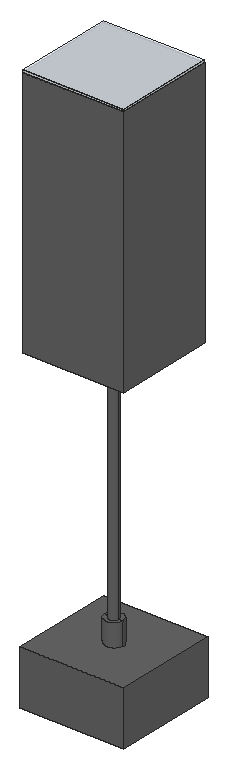
Revit family "LTC-4SQD-P", category Lighting Fixtures, host Face, Revit 2017
Family settings
  Host = Face
  Round Connector Dimension = Use Diameter
  Part Type = Normal
  OmniClass Number = 23.80.70.11.14.11
  OmniClass Title = Downlights
  Cut with Voids When Loaded = No
  Light Source = Yes
  Shared = No
  Room Calculation Point = No
Parameters (values of type "LTC-4SQD-PCC")
  Wattage Comments = "8-25W"
  Wattage = 100 W
  Warranty = "• 5 year warranty\r\n• See HLI Standard Warranty for\r\nadditional information"  # constant formula
  built-in parameter 1150110 = 1 (stored number, unit not read)
  Voltage = 120 V
  built-in parameter 1114217 = 1 (stored number, unit not read)
  Tilt Angle = -90.00°  # constant formula
  built-in parameter 1150109 = 1 (stored number, unit not read)
  built-in parameter 1150134 = 3
  built-in parameter 1150113 = 1 (stored number, unit not read)
  Recessed Canopy = no
  Photometric Web File = "LTC-4SQDPH-P-20L35K8MD-PM-S-BL.ies"
  Features = "•\t4 inch architectural LED downlight cylinder delivering 600 - 1500 lm \r\n•\tFour beam distributions from 0.6 to 1.2 Spacing Criteria\r\n•\tQuiet reflector appearance with 50º optical cutoff \r\n•\tSpectraSync™ Color Tuning technology allows flexibility to tailor CCT to aesthetic preferences \r\n•\tAvailable in Dim To Warm (2200K-3000K) or Tunable White (2700K-5000K or 2700K-6500K), 90 CRI • Available in Surface, Wall, Pendant or Cable/Cord Mount configurations \r\n•\tVersatile canopy options for recessed and surface-mounted J-box applications \r\n•\tStandard with 0-10V dimming to 5%\r\n"  # constant formula
  Emit from Rectangle Width = 5.500"  # constant formula
  Emit from Rectangle Length = 5.500"  # constant formula
  Cord Height = 17.500"
  built-in parameter 1150105 = -5684000 (stored number, unit not read)
  Lumens = 2000 lm
  built-in parameter 1150115 = 1 (stored number, unit not read)
  built-in parameter 1150137 = (empty or 0)
  built-in parameter 1150139 = (empty or 0)
  built-in parameter 1150112 = 1 (stored number, unit not read)
  built-in parameter 1150114 = 1 (stored number, unit not read)
  built-in parameter 1150132 = 2
  built-in parameter 1150102 = (empty or 0)
  built-in parameter 1150107 = 3200 (stored number, unit not read)
  built-in parameter 1150138 = (empty or 0)
  built-in parameter 1150106 = -56840 (stored number, unit not read)
  Emit Shape Visible in Rendering = no
  built-in parameter 1150104 = 1.8581 (stored number, unit not read)
  Dimming Lamp Color Temperature Shift = <None>
  Copyright = "© 2021 Prescolite, a division of Hubbell Lighting, Inc"  # constant formula
  Contact us = "https://www.hubbell.com/prescolite/en/contactUs"
  Color Filter = 16777215
  Certifications = "• cCSAus certified to UL 1598\r\n• Wall Mount: Suitable for wet locations\r\n• Surface & Pendant Mount: Suitable for wet\r\nlocations under covered ceiling\r\n• Cord Mount and all Wall Wash: Suitable for\r\ndamp locations"  # constant formula
  Canopy Width = 5.740"
  Canopy Height = 3.000"
  Canopy = yes
  built-in parameter 1114218 = 1 (stored number, unit not read)
  Ballast = Paint - Hubbell - Carbon Black
  URL = "https://www.hubbell.com/prescolite/en"
  Product Page URL = "https://www.hubbell.com/prescolite/en/Products/Lighting-Controls/Commercial-Indoor-Lighting/Cylinders/LITEISTRY-4-Square-Cylinder-wSpectraSync/p/3775896"
  Product Documentation Link = "https://hubbellcdn.com/specsheet/LTC-4SQD%20SpectraSync.pdf"
  Model = "LTC-4SQD"  # constant formula
  Manufacturer = "Prescolite"  # constant formula
  Lamp = "LED Lamp"
  Reflector = Glass - Hubbell - Glass
  Description = "LITEISTRY™ 4inch Square Cylinder with color tuning"  # constant formula
  Default Elevation = 48.000"
  built-in parameter 1150133 = 10 (stored number, unit not read)
  Apparent Load = 25 VA  # constant formula
Types (3): name | Recessed Canopy | Canopy Width | Canopy Height
  (no name) | no | 5.740" | 3.000"
  LTC-4SQD-P | yes | 5.580" | 1.000"
  LTC-4SQD-PCC | no | 5.740" | 3.000"
Reference planes (in)
  plane 1 "Center (Front/Back)": y = 0
  plane 2: z = 0
  plane 3 "Center (Left/Right)": x = 0
  plane 4: z = 17.5
  plane 5: z = 17.25
  plane 6: x = -1
  plane 7: y = 1
  plane 8: x = 1
  plane 9: y = -1
  plane 10: z = 3
  plane 11: x = 2.87
  plane 12: x = -2.87
  plane 13: y = -2.87
  plane 14: y = 2.87
Forms (in)
  Revolve 1, solid, material "Paint - Hubbell - Carbon Black" <- "Ballast"
    sketch origin (0, 0, -5.91673) x (1, 0, 0) y (0, 0, 1)
      loop
        line (-0.5, 5.91673) -> (0, 5.91673) -> (0, 23.41673) -> (-0.38833, 23.41673) -> (-1.06332, 23.41673)
        arc (-1.06332, 23.41673) -> (-1.08372, 23.23867) -> (-1.06332, 23.0606) r 0.78757
        arc (-1.06332, 23.0606) -> (-0.75401, 23.02515) -> (-0.44277, 23.0172) r 3.51531
        arc (-0.44277, 23.0172) -> (-0.34697, 23.00218) -> (-0.25, 23.00372) r 0.56641
        line (-0.25, 23.00372) -> (-0.25, 10.11595) -> (-0.5, 10.11595) -> (-0.5, 5.91673)
      axis (0, 23.41673) -> (0, 5.91673)
    angle from 0 to 360
  Extrusion 2, solid, material "Paint - Hubbell - Carbon Black" <- "Ballast", visible <- "Canopy"
    sketch origin (0, 0, 0) x (1, 0, 0) y (0, 0, 1)
      loop
        line (-2.87, 0) -> (2.87, 0) -> (2.87, 3) -> (-2.87, 3) -> (-2.87, 0)
    from -2.87 to 2.87
  Extrusion 3, solid, material "Paint - Hubbell - Carbon Black" <- "Ballast", visible <- "Recessed Canopy"
    sketch origin (7.83986, -180, 7.93836) x (-1, 0, 0) y (0, -1, 0)
      loop
        line (8.85023, -181.75) -> (9.86059, -180) -> (8.85023, -178.25) -> (6.8295, -178.25) -> (5.81914, -180) -> (6.8295, -181.75) -> (8.85023, -181.75)
    from -9.27679 to -7.93836
Dimensions and locks (in)
  "Cord Height": plane 4 to host face
  locked: plane 4 to plane 5 at 0.25
  plane 6 to plane 3 "Center (Left/Right)" to plane 8 = 1.000" locked, 1.000" locked
  plane 7 to plane 1 "Center (Front/Back)" to plane 9 = 1.000" locked, 1.000" locked
  "Canopy Height": plane 10 to level
  nested 1 to plane 4 = 14.000"
  equal spacing: plane 11, plane 3 "Center (Left/Right)", plane 12
  "Canopy Width": plane 11 to plane 12
  equal spacing: plane 14, plane 1 "Center (Front/Back)", plane 13
  "Canopy Width": plane 14 to plane 13
  aligned and locked: plane 2 to host face
  aligned and locked: Revolve 1 sketch curve to plane 4
  aligned and locked: Revolve 1 sketch curve to host face
  aligned and locked: plane 3 "Center (Left/Right)" to nested 1
  aligned and locked: nested 1 to plane 1 "Center (Front/Back)"
  aligned and locked: plane 3 "Center (Left/Right)" to imposter light
  aligned and locked: Extrusion 2 sketch curve to level
  aligned and locked: Extrusion 2 sketch curve to plane 12
  aligned and locked: plane 10 to Extrusion 2 sketch curve
  aligned and locked: plane 11 to Extrusion 2 sketch curve
  aligned and locked: plane 13 to Extrusion 2
  aligned and locked: Extrusion 2 to plane 14
Automatic sketch dimensions
  host sketch curve to host sketch curve = 96.000"  (x2)
  Revolve 1 sketch curve to plane 3 "Center (Left/Right)" = 0.000"  (x2)
  Revolve 1 sketch curve to plane 3 "Center (Left/Right)" = 0.250"
  Revolve 1 sketch curve to Revolve 1 sketch curve = 0.04614"
  plane 4 to Revolve 1 sketch curve = 0.15048"
  Revolve 1 sketch curve to plane 3 "Center (Left/Right)" = 0.30745"
  Revolve 1 sketch curve to Revolve 1 sketch curve = 0.500"
  plane 6 to Revolve 1 sketch curve = 0.49121"
  Revolve 1 sketch curve to plane 6 = 0.06332"  (x2)
  plane 10 to Revolve 1 sketch curve = 1.19922"
  plane 5 to Revolve 1 sketch curve = 0.07193"
  Revolve 1 sketch curve to level = 13.75728"
  Revolve 1 sketch curve to plane 5 = 0.16301"
  Revolve 1 sketch curve to Revolve 1 sketch curve = 4.62756"
  Revolve 1 sketch curve to Revolve 1 sketch curve = 0.08088"
  Revolve 1 sketch curve to Revolve 1 sketch curve = 2.96468"
Nested families (in)
  nested 1: "LTC" at (0, 0, 17.5) x (0, 1, 0) z (0, 0, 1), Ballast <- "Ballast", Reflector <- "Reflector", type "6"
    with Reflector Glass - Hubbell - Glass, Ballast Paint - Hubbell - Carbon Black
Connectors (in)
  electrical at (0, 0, 0), driven by "Description", driven by "Voltage", driven by "Apparent Load"
    settings: index 1, voltage 120 V, apparent load 25 VA, apparent load phase1 0 VA, apparent load phase2 0 VA, apparent load phase3 0 VA, power factor 1, load classification "Other", number of poles 1, system type 30, power factor state 1, is connector primary yes, connector utility no, sub classification motor no, connector description "LITEISTRY™ 4inch Square Cylinder with color tuning"
Definition of nested family "LTC"
  Parameters
    Width = 5.57813"
    Wattage Comments = ""
    Lamp = ""
    Height = 14.000"
    Ballast [instance] = none
    URL = ""
    Product Page URL = ""
    Product Documentation Link = ""
    Model = ""
    Manufacturer Phone = ""
    Manufacturer Fax = ""
    Manufacturer = "Prescolite"
    Reflector [instance] = none
    Description = ""
    Default Elevation = 48.000"
  Reference planes (in)
    plane 1 "Center (Front/Back)": y = 0
    plane 2: z = 0
    plane 3 "Center (Left/Right)": x = 0
    plane 4: y = 2.78906
    plane 5: y = -2.78906
    plane 6: z = 14
    plane 7: z = 0.125
    plane 8: x = 2.78906
    plane 9: z = 13.875
    plane 10: x = -2.78906
  Forms (in)
    Extrusion 1, solid
      sketch origin (0, 0, 0) x (1, 0, 0) y (0, 1, 0)
        loop
          line (-48, 48) -> (-48, -48) -> (48, -48) -> (48, 48) -> (-48, 48)
      from 0 to -6
    Extrusion 2, solid, material <- "Reflector"
      sketch origin (0, 0, 30.25) x (1, 0, 0) y (0, 1, 0)
        loop
          line (-2.78906, 2.78906) -> (-2.78906, -2.78906) -> (2.78906, -2.78906) -> (2.78906, 2.78906) -> (-2.78906, 2.78906)
      from -16.25 to -16.375
    Extrusion 3, solid, material <- "Ballast"
      sketch origin (0, 0, 0) x (1, 0, 0) y (0, 1, 0)
        loop
          line (-2.78906, 2.78906) -> (-2.78906, -2.78906) -> (2.78906, -2.78906) -> (2.78906, 2.78906) -> (-2.78906, 2.78906)
      from 0 to 13.875
  Dimensions and locks (in)
    equal spacing: plane 4, plane 1 "Center (Front/Back)", plane 5
    "Width": plane 5 to plane 4
    equal spacing: plane 10, plane 3 "Center (Left/Right)", plane 8
    "Width": plane 10 to plane 8
    "Height": plane 6 to Extrusion 1
    locked: plane 6 to plane 9 at 0.125
    aligned and locked: plane 2 to Extrusion 1
    aligned and locked: Extrusion 2 to plane 9
    aligned and locked: plane 9 to Extrusion 3
    aligned and locked: plane 6 to Extrusion 2
  Automatic sketch dimensions
    Extrusion 1 sketch curve to Extrusion 1 sketch curve = 96.000"  (x2)
    Extrusion 3 sketch curve to plane 5 = 0.000"
    Extrusion 3 sketch curve to plane 10 = 0.000"
    Extrusion 3 sketch curve to plane 8 = 0.000"
    plane 4 to Extrusion 3 sketch curve = 0.000"
    Extrusion 2 sketch curve to plane 5 = 0.000"
    Extrusion 2 sketch curve to plane 10 = 0.000"
    Extrusion 2 sketch curve to plane 8 = 0.000"
    plane 4 to Extrusion 2 sketch curve = 0.000"
